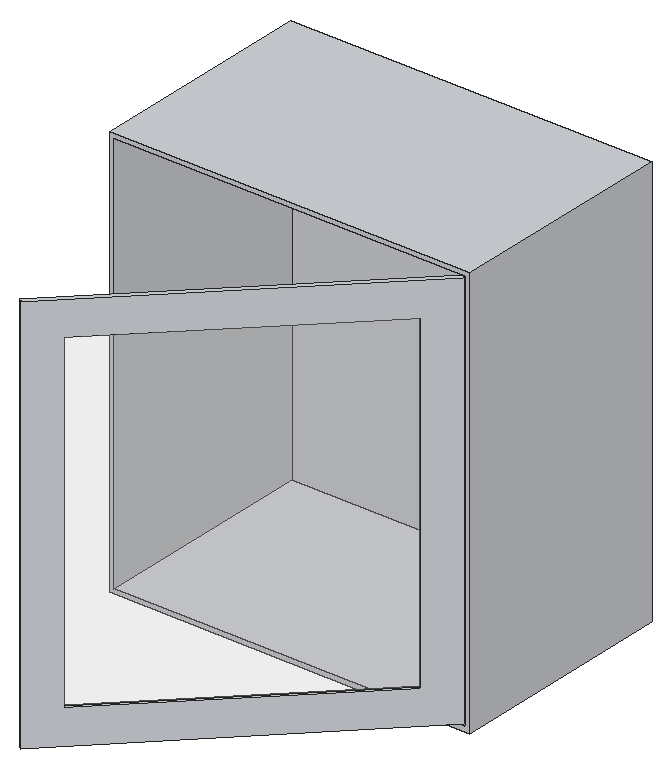
Revit family "Pedro-empty-NoHosted-IT-en", category Electrical Equipment, Revit 2020
Family settings
  Panel Configuration = Two Columns, Circuits Across
  Round Connector Dimension = Use Diameter
  Part Type = Panelboard
  Work Plane-Based = Yes
  Always vertical = Yes
  Cut with Voids When Loaded = No
  Shared = No
  Room Calculation Point = No
Parameters (values of type "Surface mounted IP66 W264.7 H302.8 D167  Modular spacings - B04621")
  Width Control [instance] = if([HG000006 - Flush mounted], if([EF000846 - Built-in width] > min_whd, [EF000846 - Built-in width], min_whd), if([EF000008 - Width] > min_whd, ([EF000008 - Width]), min_whd))  # 265 mm
  Void Depth [instance] = if([EF000218 - Built-in depth] > 1 mm, [EF000218 - Built-in depth], 1 mm)  # 1 mm
  Type Comments = [HG000003 - Range]  # "Pedro"
  System Height [instance] = Height Control - 2 * [HG000005 - Thickness]  # 297 mm
  Panel Name [instance] = ""  # (empty or 0)
  Offset [instance] = 0 mm
  Model = [HG000004 - Manufacturer reference]  # "B04621"
  Level Offset [instance] = [Flush Mounted - Door Frame Width] + Offset  # 0 mm
  HG000011 - Empty rows from bottom = no
  HG000005 - Thickness = 3 mm  # constant formula
  Description = ""
  Default Elevation = 1219.2 mm
  Arrow Offset [instance] = Depth Control / 8  # 20.875 mm
  Arrow Height [instance] = Depth Control - Arrow Offset  # 146.125 mm
  Host Offset [instance] = if([HG000006 - Flush mounted], 0 mm, [EF000049 - Depth])  # 167 mm
  min_whd [instance] = (2 * [HG000005 - Thickness]) + 1 mm  # 7 mm
  Manufacturer = "Hager"  # constant formula
  Height Control [instance] = if([HG000006 - Flush mounted], if([EF000332 - Built-in height] > min_whd, [EF000332 - Built-in height], min_whd), if([EF000040 - Height] > min_whd, ([EF000040 - Height]), min_whd))  # 303 mm
  HG000010 - Asymmetric doors = no
  HG000009 - Double swing door = no
  HG000008 - Number of empty rows = 0
  HG000007 - Number of empty columns = 0
  HG000006 - Flush mounted = no
  HG000004 - Manufacturer reference = "B04621"
  HG000003 - Range = "Pedro"
  HG000002 - With door or cover = yes
  HG000001 - Number of columns = 0
  Flush Mounted - Door Frame Width [instance] = if(([EF000040 - Height] - [EF000332 - Built-in height]) > 0 mm, if([HG000006 - Flush mounted], [EF000040 - Height] - [EF000332 - Built-in height], 0 mm), 0 mm)  # 0 mm
  EF015941 - Signal passing door = no
  EF015777 - Neutral terminal block = no
  EF015776 - Earthing terminal block = no
  EF009212 - Cover model = "EV000116 - Closed"
  EF006306 - With lock = yes
  EF006244 - Transparent cover/door = yes
  EF005474 - Degree of protection (IP) = "EV006422 - IP66"
  EF004462 - Type of closure = "EV000154 - Other"
  EF002950 - Width in number of modular spacings = 0
  EF001596 - Material housing = "EV000139 - Plastic"
  EF001134 - DIN-rail = no
  EF001131 - Internal depth = 137 mm
  EF001088 - Extension possible = yes
  EF001062 - EMC-version = yes
  EF000846 - Built-in width = 0 mm
  EF000339 - Type of cover = "EV004216 - Door"
  EF000332 - Built-in height = 0 mm
  EF000266 - Number of rows = 0
  EF000218 - Built-in depth = 0 mm
  EF000118 - With mounting plate = no
  EF000116 - RAL-number = "7035"
  EF000049 - Depth = 167 mm
  EF000040 - Height = 303 mm
  EF000008 - Width = 265 mm
  EF000007 - Colour = "EV000270 - Grey"
  EF000003 - Mounting method = "EV000384 - Surface mounted (plaster)"
  Door_Right [instance] = yes
  Door_Left [instance] = not(Door_Right)  # no
  Door Swing Angle [instance] = 45.00°
  Door 3d Visibility [instance] = yes
  Depth Control [instance] = if([HG000006 - Flush mounted], if([EF000218 - Built-in depth] > 0 mm, [EF000218 - Built-in depth], 1 mm), if([EF000049 - Depth] > 0 mm, ([EF000049 - Depth]), 1 mm))  # 167 mm
  Clearance Visibility [instance] = no
Types (2, lengths in mm): name | Model | HG000004 - Manufacturer reference | EF006244 - Transparent cover/door
  Surface mounted IP66 W264.7 H302.8 D167  Modular spacings - B04601 | "B04601" | "B04601" | no
  Surface mounted IP66 W264.7 H302.8 D167  Modular spacings - B04621 | "B04621" | "B04621" | yes
Reference planes
  plane 1 "Center (Front/Back)": y = 0
  plane 2: z = 0
  plane 3 "Center (Left/Right)": x = 0
  plane 4: y = 3
  plane 5: y = 0
  plane 6: y = 0
  plane 7: z = 0
  plane 8: x = -132.5
  plane 9: x = 132.5
  plane 10: x = 129.5
  plane 11: x = -129.5
  plane 12: z = 0
  plane 13: z = 3
  plane 14: y = -162
  plane 15: y = -167
  plane 16: y = -3
  plane 17: z = 300
  plane 18: z = 303
  plane 19: z = 151.5
  plane 20: x = 2000
  plane 21: x = 0
  plane 22: y = -2100
  plane 23: y = -100
Forms (mm)
  Extrusion 1, solid
    sketch origin (-208.679, -4572, 0) x (-1, 0, 0) y (0, -1, 0)
      loop
        line (-76.179, -4405) -> (-341.179, -4405) -> (-341.179, -4572) -> (-76.179, -4572) -> (-76.179, -4405)
    from 0 to 303 <- "Height Control"
  Extrusion 2, void
    sketch origin (-350.771, -167, 1219.2) x (1, 0, 0) y (0, 0, 1)
      loop
        line (221.271, -919.2) -> (221.271, -1216.2) -> (480.271, -1216.2) -> (480.271, -919.2) -> (221.271, -919.2)
    from 0 to -164
  Extrusion 3, solid, detail levels coarse
    sketch origin (-350.771, -167, 1219.2) x (-1, 0, 0) y (0, 0, 1)
      loop
        line (-221.271, -919.2) -> (-480.271, -919.2) -> (-480.271, -1216.2) -> (-221.271, -1216.2) -> (-221.271, -919.2)
    from 0 to 3 <- "HG000005 - Thickness"
Cuts and joins
  Extrusion 2 cuts Extrusion 1
Dimensions and locks
  "Flush Mounted - Door Frame Width": plane 1 "Center (Front/Back)" to plane 6
  "HG000005 - Thickness": plane 4 to plane 6
  "HG000005 - Thickness": plane 8 to plane 11
  "HG000005 - Thickness": plane 9 to plane 10
  equal spacing: plane 8, plane 3 "Center (Left/Right)", plane 9
  "Width Control": plane 8 to plane 9
  locked: plane 14 to plane 15 at 5
  "Host Offset": plane 1 "Center (Front/Back)" to plane 15
  "Depth Control": plane 5 to plane 15
  "HG000005 - Thickness": plane 5 to plane 16
  "HG000005 - Thickness": plane 13 to plane 12
  "Level Offset": plane 12 to level
  "HG000005 - Thickness": plane 18 to plane 17
  "Height Control": plane 18 to plane 12
  "Arrow Offset": plane 5 to nested 4
  equal spacing: plane 18, plane 19, plane 12
  locked: connector elem to plane 19
  locked: connector elem to plane 3 "Center (Left/Right)"
  locked: plane 3 "Center (Left/Right)" to plane 20 at 2000
  locked: plane 21 to plane 20 at 2000
  locked: plane 23 to plane 22 at 2000
  aligned and locked: nested 1 to plane 14
  aligned and locked: plane 3 "Center (Left/Right)" to nested 1
  aligned and locked: plane 3 "Center (Left/Right)" to nested 2
  aligned and locked: nested 2 to plane 15
  aligned and locked: plane 5 to Extrusion 1
  aligned and locked: Extrusion 3 sketch curve to plane 17
  aligned and locked: Extrusion 3 sketch curve to plane 11
  aligned and locked: plane 13 to Extrusion 3 sketch curve
  aligned and locked: Extrusion 3 sketch curve to plane 10
  aligned and locked: plane 13 to Extrusion 2 sketch curve
  aligned and locked: Extrusion 2 sketch curve to plane 10
  aligned and locked: Extrusion 2 sketch curve to plane 17
  aligned and locked: Extrusion 2 sketch curve to plane 11
  aligned and locked: plane 16 to Extrusion 2
  aligned and locked: plane 5 to Extrusion 1 sketch curve
  aligned and locked: plane 9 to Extrusion 1 sketch curve
  aligned and locked: plane 8 to Extrusion 1 sketch curve
  aligned and locked: plane 8 to nested 4
  aligned and locked: plane 8 to nested 3
  aligned and locked: nested 3 to plane 5
  aligned and locked: Extrusion 1 sketch curve to plane 15
  aligned and locked: Extrusion 2 to plane 15
Nested families
  nested 1: "Hager_Enclosure_System" at (0, -162, 3), No_Columns <- "HG000001 - Number of columns", Flush_Mounted <- "HG000006 - Flush mounted", Width <- "EF000008 - Width", Height <- "System Height", Width_Control <- "Width Control", Row_Module_Multiplicator <- "EF002950 - Width in number of modular spacings", Empty_Columns <- "HG000007 - Number of empty columns", No_Rows <- "EF000266 - Number of rows", Built-in_Width <- "EF000846 - Built-in width", Border <- "HG000005 - Thickness", Total_No_Empty_Rows <- "HG000008 - Number of empty rows", Depth <- "HG000005 - Thickness", Empty_Rows_From_Bottom <- "HG000011 - Empty rows from bottom", type "Hager_Enclosure_System", detail levels medium+fine
    with Width_Control 265 mm, Width 265 mm, Total_No_Rows 0, Total_No_Empty_Rows 0, Total_No_Columns 1, System_Width 259 mm, Rows_Column 0, Row_Module_Multiplicator 0, Panel_4 no, Panel_3 no, Panel_2 no, Panel_1 no, No_Rows 0, No_Panels_Ctrl 1, No_Columns 0, Hide_Columns yes, Height 297 mm, Flush_Mounted no, Empty_Rows_From_Bottom no, Empty_Rows_Column 0, Empty_Columns 0, Depth 3 mm, Column_Width 259 mm, Built-in_Width 0 mm, Border 3 mm
  nested 2: "Hager_Enclosure_Door" at (0, -167, 0), Double <- "HG000009 - Double swing door", Height_Ctrl <- "Height Control", Transparent <- "EF006244 - Transparent cover/door", Depth <- "EF000049 - Depth", Height <- "EF000040 - Height", Angle <- "Door Swing Angle", Door_Right <- "Door_Right", Assymetrical <- "HG000010 - Asymmetric doors", Flush_Mounted <- "HG000006 - Flush mounted", BuiltIn_Depth <- "EF000218 - Built-in depth", BuiltIn_Width <- "EF000846 - Built-in width", Door <- "HG000002 - With door or cover", Width_Ctrl <- "Width Control", 3d_Door <- "Door 3d Visibility", Width <- "EF000008 - Width", Border <- "HG000005 - Thickness", BuiltIn_Height <- "EF000332 - Built-in height", Clearance <- "Clearance Visibility", Door_Left <- "Door_Left", type "Hager_Enclosure_Door", detail levels medium+fine
    with min_wh 7 mm, Width_Ctrl 265 mm, Width 265 mm, Transparent yes, Leaf_Width 256 mm, Leaf_Tolerance 1.5 mm, Leaf_Height 294 mm, Leaf_2_Width 256 mm, Leaf_2_Offset 128 mm, Leaf_1_Width 256 mm, Leaf_1_Offset 128 mm, Height_Ctrl 303 mm, Height 303 mm, Frame_Width_Ctrl 265 mm, Frame_Width 265 mm, Frame_Internal_Offset 0 mm, Frame_Height_Ctrl 303 mm, Frame_Height 303 mm, Frame_Depth_Ctrl 1 mm, Frame_Depth 0 mm, Flush_Mounted no, Double_Clearance_Ctrl no, Double no, Door_Right_Ctrl yes, Door_Right yes, Door_Left_Ctrl no, Door_Left no, Door yes, Depth 167 mm, Clearance_Depth 256 mm, Clearance_Ctrl no, Clearance no, BuiltIn_Width 0 mm, BuiltIn_Height 0 mm, BuiltIn_Depth 0 mm, Border 3 mm, Assymetrical no, Angle 45.00°, 3d_Door yes
  nested 3: "Hager_Enclosure_Symbol_Triangle" at (-132.5, 0, 0), Depth <- "Depth Control", Width <- "Width Control", type "Hager_Enclosure_Symbol_Triangle"
    with Width_Ctrl 265 mm, Width 265 mm, Depth_Ctrl 167 mm, Depth 167 mm
  nested 4: "Hager_Enclosure_Symbol_Arrow" at (-132.5, -20.875, 0), Height <- "Arrow Height", type "Hager_Enclosure_Symbol_Arrow"
    with Width_Inside 10.959 mm, Width 131.513 mm, Height_Ctrl 146.125 mm, Height 146.125 mm
Connectors
  electrical at (0, 0, 151.5)
    settings: on plane 5, index 1, voltage 0 V, apparent load 0 VA, apparent load phase1 0 VA, apparent load phase2 0 VA, apparent load phase3 0 VA, power factor 1, load classification "Other", number of poles 1, system type 30, power factor state 1, is connector primary yes, connector utility no, sub classification motor no, connector description ""
Definition of nested family "Hager_Enclosure_Door"
  Parameters (values of type "Hager_Enclosure_Door")
    min_wh [instance] = (2 * Border) + 1 mm  # 11 mm
    Width_Ctrl [instance] = 400 mm
    Width [instance] = 500 mm
    Transparent [instance] = yes
    Leaf_Width [instance] = if((Width_Ctrl - 2 * Border - 2 * Leaf_Tolerance) > 0 mm, (Width_Ctrl - 2 * Border - 2 * Leaf_Tolerance), min_wh)  # 387 mm
    Leaf_Tolerance [instance] = 1.5 mm  # constant formula
    Leaf_Height [instance] = if((Height_Ctrl - 2 * Border - 2 * Leaf_Tolerance) > 0 mm, (Height_Ctrl - 2 * Border - 2 * Leaf_Tolerance), min_wh)  # 387 mm
    Leaf_2_Width [instance] = if(and(and(Double, Assymetrical), Door_Left), (Leaf_Width / 3) - (Leaf_Tolerance / 2), if(and(and(Double, Assymetrical), Door_Right), (Leaf_Width / 3) * 2 - (Leaf_Tolerance / 2), if(and(Double, not(Assymetrical)), (Leaf_Width / 2) - Leaf_Tolerance, Leaf_Width)))  # 192 mm
    Leaf_2_Offset [instance] = if(and(Double, Assymetrical), Leaf_2_Width / 2, if(and(Double, not(Assymetrical)), Leaf_Width / 4, Leaf_Width / 2))  # 96.75 mm
    Leaf_1_Width [instance] = if(and(and(Double, Assymetrical), Door_Right), (Leaf_Width / 3) - (Leaf_Tolerance / 2), if(and(and(Double, Assymetrical), Door_Left), (Width / 3) * 2 - (Leaf_Tolerance / 2), if(and(Double, not(Assymetrical)), (Leaf_Width / 2) - Leaf_Tolerance, Leaf_Width)))  # 192 mm
    Leaf_1_Offset [instance] = if(and(Double, Assymetrical), Leaf_1_Width / 2, if(and(Double, not(Assymetrical)), Leaf_Width / 4, Leaf_Width / 2))  # 96.75 mm
    Height_Ctrl [instance] = 400 mm
    Height [instance] = 500 mm
    Frame_Width_Ctrl [instance] = if(Frame_Width > 0 mm, Frame_Width, 1 mm)  # 1 mm
    Frame_Width [instance] = Width - BuiltIn_Width  # 0 mm
    Frame_Internal_Offset [instance] = if(Flush_Mounted, Border, 0 mm)  # 0 mm
    Frame_Height_Ctrl [instance] = if(Frame_Height > 0 mm, Frame_Height, 1 mm)  # 1 mm
    Frame_Height [instance] = Height - BuiltIn_Height  # 0 mm
    Frame_Depth_Ctrl [instance] = if(Frame_Depth > 0 mm, Frame_Depth, 1 mm)  # 1 mm
    Frame_Depth [instance] = if(Depth - BuiltIn_Depth > 0 mm, if(Flush_Mounted, Depth - BuiltIn_Depth, 0 mm), 0 mm)  # 0 mm
    Flush_Mounted [instance] = no
    Double_Clearance_Ctrl [instance] = and(Double, Clearance)  # yes
    Double [instance] = yes
    Door_Right_Ctrl [instance] = and(or(Door_Right, Double), Door)  # yes
    Door_Right [instance] = yes
    Door_Left_Ctrl [instance] = and(or(Door_Left, Double), Door)  # yes
    Door_Left [instance] = no
    Door [instance] = yes
    Depth [instance] = 500 mm
    Default Elevation = 1219.2 mm
    Clearance_Material = none
    Clearance_Depth [instance] = if(Leaf_1_Width > Leaf_2_Width, Leaf_1_Width, Leaf_2_Width)  # 192 mm
    Clearance_Ctrl [instance] = and(not(Double), Clearance)  # no
    Clearance [instance] = yes
    BuiltIn_Width [instance] = 500 mm
    BuiltIn_Height [instance] = 500 mm
    BuiltIn_Depth [instance] = 500 mm
    Border [instance] = 5 mm
    Assymetrical [instance] = no
    Angle [instance] = 65.00°
    3d_Door [instance] = yes
  Reference planes
    plane 1 "Center (Front/Back)": y = 0
    plane 2 "Bottom": z = 0
    plane 3 "Center (Left/Right)": x = 0
    plane 4: z = 400
    plane 5: x = -200
    plane 6: x = 200
    plane 7: z = 395
    plane 8: x = -195
    plane 9: z = 5
    plane 10: x = 195
    plane 11: y = 0
    plane 12: z = 6.5
    plane 13: x = -387
    plane 14: y = -192
    plane 15: x = 387
    plane 16: x = -96.75
    plane 17: x = 96.75
    plane 18: x = -193.5
    plane 19: x = 193.5
    plane 20: z = 393.5
  Forms (mm)
    Extrusion 1, solid, visible <- "Flush_Mounted"
      sketch origin (0, 0, 0) x (1, 0, 0) y (0, 0, 1)
        loop
          line (200, 0) -> (200, 400) -> (-200, 400) -> (-200, 0) -> (200, 0)
        loop
          line (-201, 401) -> (-201, -1) -> (201, -1) -> (201, 401) -> (-201, 401)
      from 0 to 1 <- "Frame_Depth_Ctrl"
    Extrusion 2, solid, material <- "Clearance_Material", visible <- "Double_Clearance_Ctrl"
      sketch origin (1200, 0, 0) x (1, 0, 0) y (0, 0, -1)
        loop
          line (-1587, -393.5) -> (-813, -393.5) -> (-813, 0) -> (-1587, 0) -> (-1587, -393.5)
      from 0 to -192
  Dimensions and locks
    equal spacing: plane 5, plane 3 "Center (Left/Right)", plane 6
    "Width_Ctrl": plane 5 to plane 6
    "Border": plane 5 to plane 8
    "Border": plane 6 to plane 10
    "Border": plane 9 to level
    "Border": plane 4 to plane 7
    "Height_Ctrl": plane 4 to level
    "Leaf_Tolerance": plane 12 to plane 9
    "Frame_Depth": plane 11 to plane 1 "Center (Front/Back)"
    "Frame_Width_Ctrl": plane 5 to Extrusion 1 sketch curve
    "Frame_Width_Ctrl": plane 6 to Extrusion 1 sketch curve
    "Frame_Width_Ctrl": Extrusion 1 sketch curve to plane 4
    "Frame_Width_Ctrl": plane 2 "Bottom" to Extrusion 1 sketch curve
    "Leaf_1_Offset": plane 18 to plane 16
    "Leaf_2_Offset": plane 17 to plane 19
    "Leaf_1_Width": plane 13 to plane 8
    "Leaf_2_Width": plane 10 to plane 15
    "Clearance_Depth": plane 14 to plane 1 "Center (Front/Back)"
    "Leaf_Tolerance": plane 8 to plane 18
    "Leaf_Tolerance": plane 19 to plane 10
    "Leaf_Tolerance": plane 7 to plane 20
    "Frame_Internal_Offset": plane 5 to Extrusion 1 sketch curve
    "Frame_Internal_Offset": Extrusion 1 sketch curve to plane 2 "Bottom"
    "Frame_Internal_Offset": plane 6 to Extrusion 1 sketch curve
    "Frame_Internal_Offset": plane 4 to Extrusion 1 sketch curve
    aligned and locked: level to plane 2 "Bottom"
    aligned and locked: nested 1 to plane 16
    aligned and locked: nested 2 to plane 17
    aligned and locked: Extrusion 2 to plane 13
    aligned and locked: plane 15 to Extrusion 2
    aligned and locked: Extrusion 2 to plane 14
    aligned and locked: plane 12 to nested 1
    aligned and locked: nested 2 to plane 12
    aligned and locked: Extrusion 2 to plane 11
    aligned and locked: plane 20 to Extrusion 2
    aligned and locked: nested 2 to plane 11
    aligned and locked: nested 1 to plane 11
  Automatic sketch dimensions
    Extrusion 2 sketch curve to level = 0 mm
    plane 5 to Extrusion 2 sketch curve = 187 mm
    plane 6 to Extrusion 2 sketch curve = 187 mm
    Extrusion 2 sketch curve to plane 4 = 6.5 mm
  Nested families
    nested 1: "Hager_Enclosure_Door_Leaf" at (-96.75, 0, 6.5), Width <- "Leaf_1_Width", visible <- "Door_Left_Ctrl", Leaf_Height <- "Leaf_Height", Angle <- "Angle", Depth <- "Border", 3d_Door <- "3d_Door", Transparent <- "Transparent", Clearance Material <- "Clearance_Material", Clearance <- "Clearance_Ctrl", type "Hager_Enclosure_Door_Leaf"
      with Width 192 mm, Transparent_Door_Border 25 mm, Transparent_Ctrl yes, Transparent yes, Standard no, Leaf_Height 387 mm, Glass_Offset 1 mm, Depth 5 mm, Clearance Material none, Clearance no, Angle_Ctrl 65.00°, Angle 65.00°, 3d_Door yes
    nested 2: "Hager_Enclosure_Door_Leaf" at (96.75, 0, 6.5) x (-1, 0, 0) z (0, 0, 1), Width <- "Leaf_2_Width", visible <- "Door_Right_Ctrl", Leaf_Height <- "Leaf_Height", Angle <- "Angle", Depth <- "Border", 3d_Door <- "3d_Door", Transparent <- "Transparent", Clearance Material <- "Clearance_Material", Clearance <- "Clearance_Ctrl", type "Hager_Enclosure_Door_Leaf"
      with Width 192 mm, Transparent_Door_Border 25 mm, Transparent_Ctrl yes, Transparent yes, Standard no, Leaf_Height 387 mm, Glass_Offset 1 mm, Depth 5 mm, Clearance Material none, Clearance no, Angle_Ctrl 65.00°, Angle 65.00°, 3d_Door yes
  Definition of nested family "Hager_Enclosure_Door_Leaf"
    Parameters (values of type "Hager_Enclosure_Door_Leaf")
      Width [instance] = 200 mm
      Transparent_Door_Border [instance] = 25 mm  # constant formula
      Transparent_Ctrl [instance] = and(Transparent, [3d_Door])  # yes
      Transparent [instance] = yes
      Standard [instance] = and(not(Transparent), [3d_Door])  # no
      Leaf_Height [instance] = 500 mm
      Glass_Offset [instance] = if((Depth - 10 mm) / 2 > 0 mm, (Depth - 10 mm) / 2, 1 mm)  # 1 mm
      Glass_Material = none
      Depth [instance] = 3 mm
      Default Elevation = 0 mm
      Clearance Material [instance] = none
      Clearance [instance] = no
      Angle_Ctrl [instance] = if(Angle > 170.00°, 170.00°, Angle)  # 163.00°
      Angle [instance] = 163.00°
      3d_Door [instance] = yes
    Reference planes
      plane 1 "Center (Front/Back)": y = 0
      plane 2: z = 0
      plane 3 "Center (Left/Right)": x = 0
      plane 4: y = 200
      plane 5: x = -100
      plane 6: x = 100
      plane 7: x = -300
      plane 8: z = 500
      plane 9: z = 25
      plane 10: z = 475
      plane 11: x = 75
      plane 12: x = -75
    Forms (mm)
      Extrusion 1, solid, material <- "Clearance Material", visible <- "Clearance"
        sketch origin (0, 0, 0) x (1, 0, 0) y (0, 0, 1)
          loop
            line (-300, 500) -> (-300, 0) -> (100, 0) -> (100, 500) -> (-300, 500)
        from 0 to -200
      Extrusion 2, solid, visible <- "Standard", detail levels fine
        sketch origin (-100, 0, 0) x (-0.956305, 0.292372, 0) y (-0.292372, -0.956305, 0)
          loop
            line (0, -3) -> (200, -3) -> (200, 0) -> (0, 0) -> (0, -3)
        from 0 to 500 <- "Leaf_Height"
      Extrusion 3, solid, visible <- "Transparent_Ctrl", detail levels fine
        sketch origin (-100, 0, 0) x (-0.956305, 0.292372, 0) y (-0.292372, -0.956305, 0)
          loop
            line (0, -3) -> (200, -3) -> (200, 0) -> (0, 0) -> (0, -3)
        from 0 to 500 <- "Leaf_Height"
      Extrusion 4, void, detail levels fine
        sketch origin (-100, 0, 0) x (-0.292372, -0.956305, 0) y (-0.956305, 0.292372, 0)
          loop
            line (0, 25) -> (0, 175) -> (-3, 175) -> (-3, 25) -> (0, 25)
        from -475 to -25
      Extrusion 5, solid, material <- "Glass_Material", visible <- "Transparent_Ctrl", detail levels fine
        sketch origin (-100, 0, 0) x (-0.956305, 0.292372, 0) y (-0.292372, -0.956305, 0)
          loop
            line (25, -1) -> (25, -2) -> (175, -2) -> (175, -1) -> (25, -1)
        from 25 to 475
    Cuts and joins
      Extrusion 4 cuts Extrusion 3
    Lines and regions (mm)
      symbolic lines
        curve 1: line (100, 0, 0) -> (-300, 0, 0)
        curve 2: arc (100, 0, 0) -> (-100, 200, 0) -> (-300, 0, 0) r 200
        curve 4: line (-100, 0, 0) -> (-291.261, 58.474, 0)
      reference lines
        curve 3: line (-100, 0, 0) -> (-291.261, 58.474, 0)
      symbolic lines, detail levels medium+fine
        curve 5: line (-291.261, 58.474, 0) -> (-290.384, 61.343, 0)
        curve 6: line (-290.384, 61.343, 0) -> (-99.123, 2.869, 0)
        curve 7: line (-99.123, 2.869, 0) -> (-100, 0, 0)
      symbolic lines, detail levels fine
        curve 8: line (-100, 0, 500) -> (100, 0, 500)
        curve 9: line (-100, 0, 0) -> (-100, 0, 500)
        curve 10: line (100, 0, 0) -> (-100, 0, 0)
        curve 11: line (100, 0, 500) -> (100, 0, 0)
      symbolic lines, visible <- "Transparent_Ctrl", detail levels fine
        curve 12: line (-75, 0, 475) -> (75, 0, 475)
        curve 13: line (-75, 0, 25) -> (-75, 0, 475)
        curve 14: line (75, 0, 25) -> (-75, 0, 25)
        curve 15: line (75, 0, 475) -> (75, 0, 25)
    Dimensions and locks
      "Width": plane 1 "Center (Front/Back)" to plane 4
      equal spacing: plane 5, plane 3 "Center (Left/Right)", plane 6
      "Width": plane 5 to plane 6
      "Width": plane 7 to plane 5
      "Leaf_Height": plane 8 to level
      "Depth": curve 6 to curve 3
      "Width": curve 5 to curve 3
      "Width": curve 3 to curve 3
      "Transparent_Door_Border": Extrusion 4 sketch curve to curve 7
      "Transparent_Door_Border": Extrusion 4 sketch curve to curve 5
      "Transparent_Door_Border": plane 8 to plane 10
      "Transparent_Door_Border": plane 9 to level
      "Glass_Offset": Extrusion 5 sketch curve to curve 4
      "Glass_Offset": Extrusion 5 sketch curve to curve 6
      "Transparent_Door_Border": Extrusion 5 sketch curve to curve 5
      "Transparent_Door_Border": Extrusion 5 sketch curve to curve 7
      "Transparent_Door_Border": plane 12 to plane 5
      "Transparent_Door_Border": plane 6 to plane 11
      "Angle_Ctrl": angle plane 1 "Center (Front/Back)" to curve 3
      aligned and locked: level to plane 2
      aligned and locked: Extrusion 1 to curve 1
      aligned and locked: plane 6 to Extrusion 1
      aligned and locked: plane 1 "Center (Front/Back)" to Extrusion 1
      aligned and locked: plane 4 to Extrusion 1
      aligned and locked: plane 8 to Extrusion 1
      aligned and locked: curve 4 to curve 3
      aligned and locked: Extrusion 2 sketch curve to curve 7
      aligned and locked: Extrusion 2 sketch curve to curve 6
      aligned and locked: Extrusion 2 sketch curve to curve 5
      aligned and locked: Extrusion 2 sketch curve to curve 3
      aligned and locked: curve 7 to Extrusion 3 sketch curve
      aligned and locked: Extrusion 3 sketch curve to curve 4
      aligned and locked: Extrusion 3 sketch curve to curve 6
      aligned and locked: Extrusion 3 sketch curve to curve 5
      aligned and locked: curve 4 to Extrusion 4 sketch curve
      aligned and locked: curve 6 to Extrusion 4 sketch curve
      aligned and locked: Extrusion 4 to plane 9
      aligned and locked: Extrusion 4 to plane 10
      aligned and locked: Extrusion 5 to plane 9
      aligned and locked: Extrusion 5 to plane 10
      aligned and locked: curve 8 to plane 8
      aligned and locked: plane 5 to curve 9
      aligned and locked: plane 2 to curve 10
      aligned and locked: curve 11 to plane 6
      aligned and locked: plane 10 to curve 12
      aligned and locked: plane 12 to curve 13
      aligned and locked: plane 9 to curve 14
      aligned and locked: plane 11 to curve 15
    Automatic sketch dimensions
      plane 1 "Center (Front/Back)" to curve 2 = 0 mm
      curve 2 to plane 5 = 0 mm
      Extrusion 1 sketch curve to level = 0 mm
      Extrusion 1 sketch curve to plane 7 = 0 mm
      Extrusion 1 sketch curve to plane 6 = 0 mm
      Extrusion 1 sketch curve to plane 8 = 0 mm
      plane 1 "Center (Front/Back)" to curve 3 = 0 mm
      curve 3 to plane 5 = 0 mm
      curve 7 to curve 3 = 0 mm
Definition of nested family "Hager_Enclosure_Symbol_Triangle"
  Parameters (values of type "Hager_Enclosure_Symbol_Triangle")
    Width_Ctrl [instance] = if(Width > 1 mm, Width, 1 mm)  # 498 mm
    Width [instance] = 498 mm
    Depth_Ctrl [instance] = if(Depth > 1 mm, Depth, 1 mm)  # 72 mm
    Depth [instance] = 72 mm
  Reference planes
    plane 1 "Centre (avant/arrière)": y = 0
    plane 2: z = 0
    plane 3 "Centre (gauche/droite)": x = 0
  Lines and regions (mm)
    Filled region 1, type "Solid_Black", in view "Niveau de réf."
      outline origin (0, 0, 0) x (1, 0, 0) y (0, 1, 0)
        loop
          line (0, 0) -> (498, 0) -> (498, 72) -> (0, 0)
    reference lines, in view "Niveau de réf."
      curve 1: line (-206.153, 72, 0) -> (1083.258, 72, 0)
      curve 2: line (498, 405.456, 0) -> (498, -517.619, 0)
  Dimensions and locks
    "Depth_Ctrl": plane 1 "Centre (avant/arrière)" to curve 1
    "Width_Ctrl": plane 3 "Centre (gauche/droite)" to curve 2
    aligned and locked: curve 1 to Filled region 1 sketch curve
    aligned and locked: Filled region 1 sketch curve to plane 1 "Centre (avant/arrière)"
    aligned and locked: curve 2 to Filled region 1 sketch curve
    aligned and locked: plane 3 "Centre (gauche/droite)" to Filled region 1 sketch curve
    aligned and locked: plane 1 "Centre (avant/arrière)" to Filled region 1 sketch curve
  Automatic sketch dimensions
    curve 1 to plane 3 "Centre (gauche/droite)" = 206.153 mm
    curve 2 to curve 1 = 585.258 mm
    plane 1 "Centre (avant/arrière)" to curve 2 = 517.619 mm
    curve 2 to plane 1 "Centre (avant/arrière)" = 405.456 mm
Definition of nested family "Hager_Enclosure_Symbol_Arrow"
  Parameters (values of type "Hager_Enclosure_Symbol_Arrow")
    Width_Inside [instance] = if(Width / 12 > 2 mm, Width / 12, 2 mm)  # 4.987 mm
    Width [instance] = if(Height_Ctrl * 0.9 > 2 mm, Height_Ctrl * 0.9, 2 mm)  # 59.85 mm
    Height_Ctrl [instance] = if(Height > 2 mm, Height, 2 mm)  # 66.5 mm
    Height [instance] = 66.5 mm
  Reference planes
    plane 1 "Centre (avant/arrière)": y = 0
    plane 2: z = 0
    plane 3 "Centre (gauche/droite)": x = 0
    plane 4: x = 59.85
    plane 5: y = 28.263
    plane 6: y = 38.238
    plane 7: y = 66.5
    plane 8: x = 29.925
    plane 9: y = 33.25
  Lines and regions (mm)
    Filled region 1, type "Solid_Black", in view "Niveau de réf."
      outline origin (0, 0, 0) x (1, 0, 0) y (0, 1, 0)
        loop
          line (59.85, 66.5) -> (37.929, 52.827) -> (51.846, 41.935) -> (59.85, 66.5)
    detail lines, in view "Niveau de réf."
      curve 1: line (0, 0, 0) -> (29.925, 38.238, 0)
      curve 2: line (29.925, 38.238, 0) -> (29.925, 28.263, 0)
      curve 3: line (29.925, 28.263, 0) -> (59.85, 66.5, 0)
  Dimensions and locks
    "Width": plane 3 "Centre (gauche/droite)" to plane 4
    "Height_Ctrl": plane 7 to plane 1 "Centre (avant/arrière)"
    equal spacing: plane 3 "Centre (gauche/droite)", plane 8, plane 4
    equal spacing: plane 7, plane 9, plane 1 "Centre (avant/arrière)"
    equal spacing: plane 6, plane 9, plane 5
    "Width_Inside": plane 6 to plane 9
    equal spacing: curve 3, Filled region 1 sketch curve, Filled region 1 sketch curve
    angle Filled region 1 sketch curve to curve 3 = 20.00°
    angle curve 3 to Filled region 1 sketch curve = 20.00°
    locked: curve 3 to Filled region 1 sketch curve (angle 90.00°)
  Automatic sketch dimensions
    plane 1 "Centre (avant/arrière)" to curve 1 = 0 mm
    curve 1 to plane 3 "Centre (gauche/droite)" = 0 mm
    curve 2 to plane 6 = 0 mm
    curve 3 to plane 8 = 0 mm
    curve 3 to plane 4 = 0 mm
    curve 2 to plane 5 = 0 mm
    curve 3 to plane 7 = 0 mm
    Filled region 1 sketch curve to plane 4 = 0 mm
    Filled region 1 sketch curve to plane 7 = 0 mm
